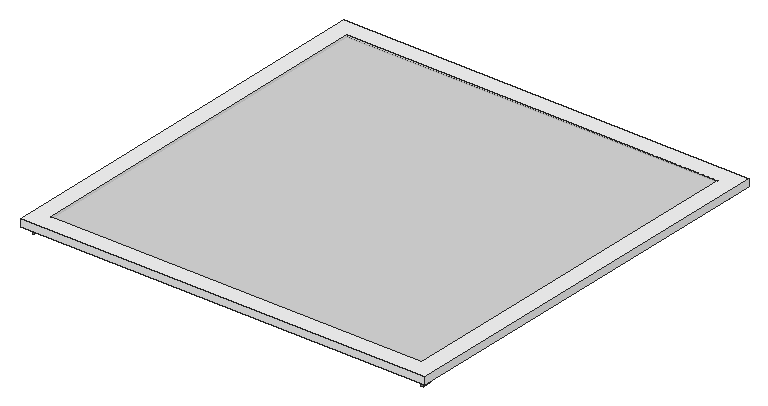
Revit family "0047400 Feilo Sylvania Lighting Fixture START FLAT PANEL LED 3000LM 600 WW", category Lighting Fixtures, host Face, Revit 2017
Family settings
  Host = Face
  Round Connector Dimension = Use Diameter
  Part Type = Normal
  OmniClass Number = 23.80.70.11.17
  OmniClass Title = Specialized Lighting by Location or Use
  Cut with Voids When Loaded = No
  Light Source = Yes
  Shared = No
  Room Calculation Point = No
Parameters (values of type "0047400 START FLAT PANEL 3000LM LED 600 3000K")
  Weight = "14.755 kg"
  Wattage = 40 W
  WarrantyStartDate [instance] = "n/a"
  WarrantyGuarantorParts = "n/a"
  WarrantyDurationUnit = "n/a"
  WarrantyDurationParts = "n/a"
  WarrantyDescription = "n/a"
  built-in parameter 1150110 = 1 (stored number, unit not read)
  Voltage = 230 V
  URL = "http://www.sylvania-lighting.com"
  TypeName = "START FLAT PANEL 3000LM LED 600 3000K"
  built-in parameter 1114217 = 1 (stored number, unit not read)
  Tilt Angle = -90.00°
  built-in parameter 1150109 = 1 (stored number, unit not read)
  built-in parameter 1150134 = (empty or 0)
  built-in parameter 1150113 = 1 (stored number, unit not read)
  SerialNumber [instance] = "n/a"
  PowerFactor = 0.9
  PowerConsumption = "40 W"
  Photometric Web File = ""
  NominalLength = 595.0 mm
  NominalHeight = 10.5 mm
  NominalDepth = 595.0 mm
  Name = "START FLAT PANEL 3000LM LED 600 3000K"
  ModelReference = "START FLAT PANEL 3000LM LED 600 3000K"
  ModelNumber = "0047400"
  Material = "powder coated steel housing, acrylic pmma diffuser"
  ManufacturerName = "Feilo Sylvania"
  LuminousEfficacy = "75 lm/W"
  LuminaireType = ""
  LightOutputRatio = "100"
  LampsType = Lamp  # "Integrated LED"
  LampNominalLuminous = "3000 lm"
  LampMacAdamStep = "n/a"
  LampColourTemperature = "3000 K"
  LampColourRenderingIndex = "80"
  Keynote = "16500"
  InstallationDate [instance] = "n/a"
  InputVoltage = "220-240V~"
  InputNominalFrequency = "50/60 Hz"
  IngressProtection = "IP20"
  ImpactProtectionIndex = "IK03"
  IfcExportType = "IfcLightFixtureType"
  IfcExportAs = "IfcLightFixtureType"
  Glare Control = "UGR <25"  # constant formula
  ExpectedLife = 50000
  ElectricShockClassification = "Class II"
  DurationUnit = "hours"
  DocumentationLiterature = "http://www.sylvania-lighting.com/product/en-int/products/0047400"
  DimmingControlOptions = "n/a"
  Diffuser Material = Polycarbonate_Sylvania_Startflat Panel LED_Opal
  Cutout Width = 574.0 mm
  Cutout Length = 574.0 mm
  CreatedOn = "20/11/2017"
  CreatedBy = ""
  built-in parameter 1114216 [instance] = 1 (stored number, unit not read)
  built-in parameter 1150142 = (empty or 0)
  Model = "START FLAT PANEL 3000LM LED 600 3000K"
  Manufacturer = "Feilo-Sylvania Group"
  built-in parameter 1150105 = 238.73 (stored number, unit not read)
  Lumens = 3000 lm
  built-in parameter 1150115 = 1 (stored number, unit not read)
  built-in parameter 1150137 = (empty or 0)
  built-in parameter 1150139 = (empty or 0)
  built-in parameter 1150112 = 1 (stored number, unit not read)
  built-in parameter 1150114 = 1 (stored number, unit not read)
  Lamp = "Integrated LED"  # constant formula
  built-in parameter 1150132 = 2
  built-in parameter 1150102 = (empty or 0)
  built-in parameter 1150107 = 3000 (stored number, unit not read)
  built-in parameter 1150138 = (empty or 0)
  built-in parameter 1150106 = 2.3873 (stored number, unit not read)
  CRI (Ra) = "84"  # constant formula
  Body Material = Metal_Sylvania_Startflat Panel LED_White
  Emit from Rectangle Width = 545.0 mm
  Emit from Rectangle Length = 545.0 mm
  Emit Shape Visible in Rendering = no
  built-in parameter 1150104 = 6.9677 (stored number, unit not read)
  Dimming Lamp Color Temperature Shift = <None>
  Description = "Ultra thin LED Panel, excellent uniformity of light, perfect for ceilings with low voids, high efficacy.Ulta thin edgelit LED 600x600mm Panel with, excellent uniform light distribution. Acrylic PMMA diffuser optimising light output whilst reducing glare. 4239lm 93lm/W."  # constant formula
  Default Elevation = 0.0 mm
  Color Filter = 16777215
  built-in parameter 1140040 [instance] = 1
  BarCode [instance] = "n/a"
  built-in parameter 1114218 = 1 (stored number, unit not read)
  built-in parameter 1150133 = 10 (stored number, unit not read)
  AssetType = "Fixed"
  AssetIdentifier [instance] = "n/a"
  Assembly Code = "D5020200"
  Apparent Load = 40 VA
  Mounting Material = Metal_Sylvania_Startflat Panel LED_Silver
Reference planes
  plane 1 "Center (Front/Back)": y = 0
  plane 2 "Fixture Top": z = 0
  plane 3 "Center (Left/Right)": x = 0
  plane 4: x = 295.5
  plane 5: x = -295.5
  plane 6 "Fixture Back": y = 297.5
  plane 7 "Fixture Front": y = -297.5
  plane 8 "Fixture Left": x = -297.5
  plane 9 "Fixture Right": x = 297.5
  plane 10: y = 295.5
  plane 11: y = -295.5
  plane 12: x = 272.5
  plane 13: x = -272.5
  plane 14: y = 272.5
  plane 15: y = -272.5
  plane 16: x = -287
  plane 17: x = 287
  plane 18: y = 287
  plane 19: y = -287
  plane 20 "Fixture Bottom": z = 10.5
  plane 21: z = 8.5
  plane 22: z = 6.5
  plane 23: z = -10
  plane 24: z = 2
Forms (mm)
  Extrusion 1, void
    sketch origin (0, 0, 60) x (-1, 0, 0) y (0, -1, 0)
      loop
        line (287, -287) -> (287, 287) -> (-287, 287) -> (-287, -287) -> (287, -287)
    from -70 to -60
  Extrusion 2, solid, material "Metal_Sylvania_Startflat Panel LED_White" <- "Body Material", detail levels fine
    sketch origin (0, 0, 60) x (-1, 0, 0) y (0, -1, 0)
      loop
        line (297.5, -297.5) -> (297.5, 297.5) -> (-297.5, 297.5) -> (-297.5, -297.5) -> (297.5, -297.5)
      loop
        line (272.5, -272.5) -> (272.5, 272.5) -> (-272.5, 272.5) -> (-272.5, -272.5) -> (272.5, -272.5)
    from -51.5 to -49.5
  Extrusion 3, solid, material "Metal_Sylvania_Startflat Panel LED_White" <- "Body Material", detail levels fine
    sketch origin (0, 0, 60) x (-1, 0, 0) y (0, -1, 0)
      loop
        line (297.5, -297.5) -> (297.5, 297.5) -> (-297.5, 297.5) -> (-297.5, -297.5) -> (297.5, -297.5)
      loop
        line (295.5, -295.5) -> (295.5, 295.5) -> (-295.5, 295.5) -> (-295.5, -295.5) -> (295.5, -295.5)
    from -60 to -51.5
  Extrusion 4, solid, material "Polycarbonate_Sylvania_Startflat Panel LED_Opal" <- "Diffuser Material", detail levels fine
    sketch origin (0, 0, 60) x (-1, 0, 0) y (0, -1, 0)
      loop
        line (295.5, -295.5) -> (295.5, 295.5) -> (-295.5, 295.5) -> (-295.5, -295.5) -> (295.5, -295.5)
    from -53.5 to -51.5
  Extrusion 5, solid, material "Metal_Sylvania_Startflat Panel LED_Silver" <- "Mounting Material", detail levels fine
    sketch origin (0, 0, 60) x (-1, 0, 0) y (0, -1, 0)
      loop
        line (287, -287) -> (287, -272.5) -> (284, -272.5) -> (284, -287) -> (287, -287)
      loop
        line (-284, -287) -> (-284, -272.5) -> (-287, -272.5) -> (-287, -287) -> (-284, -287)
      loop
        line (-284, 272.5) -> (-284, 287) -> (-287, 287) -> (-287, 272.5) -> (-284, 272.5)
      loop
        line (284, 272.5) -> (287, 272.5) -> (287, 287) -> (284, 287) -> (284, 272.5)
    from -70 to -60
  Extrusion 6, solid, material "Metal_Sylvania_Startflat Panel LED_White" <- "Body Material", detail levels fine
    sketch origin (0, 0, 60) x (-1, 0, 0) y (0, -1, 0)
      loop
        line (297.5, -297.5) -> (297.5, 297.5) -> (-297.5, 297.5) -> (-297.5, -297.5) -> (297.5, -297.5)
    from -60 to -58
  Extrusion 7, solid, material "Metal_Sylvania_Startflat Panel LED_White" <- "Body Material", detail levels coarse+medium
    sketch origin (0, 0, 60) x (-1, 0, 0) y (0, -1, 0)
      loop
        line (297.5, -297.5) -> (297.5, 297.5) -> (-297.5, 297.5) -> (-297.5, -297.5) -> (297.5, -297.5)
    from -60 to -49.5
Cuts and joins
  joined: Extrusion 2, Extrusion 3, Extrusion 6
Dimensions and locks
  equal spacing: plane 6 "Fixture Back", plane 1 "Center (Front/Back)", plane 7 "Fixture Front"
  locked: plane 6 "Fixture Back" to plane 7 "Fixture Front" at 595
  equal spacing: plane 8 "Fixture Left", plane 3 "Center (Left/Right)", plane 9 "Fixture Right"
  locked: plane 8 "Fixture Left" to plane 9 "Fixture Right" at 595
  locked: plane 8 "Fixture Left" to plane 5 at 2
  locked: plane 4 to plane 9 "Fixture Right" at 2
  locked: plane 6 "Fixture Back" to plane 10 at 2
  locked: plane 11 to plane 7 "Fixture Front" at 2
  locked: plane 12 to plane 9 "Fixture Right" at 25
  locked: plane 8 "Fixture Left" to plane 13 at 25
  locked: plane 6 "Fixture Back" to plane 14 at 25
  locked: plane 15 to plane 7 "Fixture Front" at 25
  equal spacing: plane 16, plane 3 "Center (Left/Right)", plane 17
  "Cutout Length": plane 16 to plane 17
  equal spacing: plane 18, plane 1 "Center (Front/Back)", plane 19
  "Cutout Width": plane 18 to plane 19
  locked: plane 20 "Fixture Bottom" to plane 2 "Fixture Top" at 10.5
  plane 20 "Fixture Bottom" to plane 21 to plane 22 = 2.0 mm locked, 2.0 mm locked
  locked: plane 2 "Fixture Top" to plane 23 at 10
  locked: plane 16 to Extrusion 5 sketch curve at 3
  locked: Extrusion 5 sketch curve to plane 17 at 3
  locked: plane 24 to plane 2 "Fixture Top" at 2
  aligned and locked: level to host face
  aligned and locked: imposter light to plane 1 "Center (Front/Back)"
  aligned and locked: plane 2 "Fixture Top" to Extrusion 1
  aligned and locked: Extrusion 2 sketch curve to plane 6 "Fixture Back"
  aligned and locked: plane 8 "Fixture Left" to Extrusion 2 sketch curve
  aligned and locked: plane 7 "Fixture Front" to Extrusion 2 sketch curve
  aligned and locked: Extrusion 2 sketch curve to plane 9 "Fixture Right"
  aligned and locked: Extrusion 2 sketch curve to plane 14
  aligned and locked: plane 13 to Extrusion 2 sketch curve
  aligned and locked: plane 15 to Extrusion 2 sketch curve
  aligned and locked: Extrusion 2 sketch curve to plane 12
  aligned and locked: Extrusion 3 sketch curve to Extrusion 2  (x4)
  aligned and locked: Extrusion 3 sketch curve to plane 10
  aligned and locked: plane 5 to Extrusion 3 sketch curve
  aligned and locked: plane 11 to Extrusion 3 sketch curve
  aligned and locked: Extrusion 3 sketch curve to plane 4
  aligned and locked: Extrusion 4 sketch curve to cut or joined group of Extrusion 2, Extrusion 3, Extrusion 6  (x4)
  aligned and locked: plane 16 to Extrusion 1 sketch curve
  aligned and locked: Extrusion 1 sketch curve to plane 17
  aligned and locked: Extrusion 1 sketch curve to plane 18
  aligned and locked: plane 19 to Extrusion 1 sketch curve
  aligned and locked: plane 20 "Fixture Bottom" to cut or joined group of Extrusion 2, Extrusion 3, Extrusion 6
  aligned and locked: cut or joined group of Extrusion 2, Extrusion 3, Extrusion 6 to plane 21
  aligned and locked: plane 21 to cut or joined group of Extrusion 2, Extrusion 3, Extrusion 6
  aligned and locked: cut or joined group of Extrusion 2, Extrusion 3, Extrusion 6 to plane 2 "Fixture Top"
  aligned and locked: plane 21 to Extrusion 4
  aligned and locked: Extrusion 4 to plane 22
  aligned and locked: level to plane 2 "Fixture Top"
  aligned and locked: plane 3 "Center (Left/Right)" to imposter light
  aligned and locked: plane 20 "Fixture Bottom" to imposter light
  aligned and locked: Extrusion 5 sketch curve to plane 18  (x2)
  aligned and locked: plane 16 to Extrusion 5 sketch curve
  aligned and locked: cut or joined group of Extrusion 2, Extrusion 3, Extrusion 6 to Extrusion 5 sketch curve  (x3)
  aligned and locked: plane 14 to Extrusion 5 sketch curve
  aligned and locked: Extrusion 5 sketch curve to plane 17  (x2)
  aligned and locked: plane 19 to Extrusion 5 sketch curve
  aligned and locked: Extrusion 5 sketch curve to plane 19
  aligned and locked: Extrusion 5 sketch curve to plane 16
  aligned and locked: Extrusion 5 to plane 23
  aligned and locked: Extrusion 5 sketch curve to Extrusion 5 sketch curve  (x2)
  aligned and locked: Extrusion 6 sketch curve to cut or joined group of Extrusion 2, Extrusion 3, Extrusion 6  (x4)
  aligned and locked: Extrusion 6 to plane 2 "Fixture Top"
  aligned and locked: plane 24 to Extrusion 6
  aligned and locked: plane 2 "Fixture Top" to Extrusion 5
  aligned and locked: Extrusion 7 sketch curve to cut or joined group of Extrusion 2, Extrusion 3, Extrusion 6  (x4)
  aligned and locked: Extrusion 7 to plane 2 "Fixture Top"
  aligned and locked: plane 20 "Fixture Bottom" to Extrusion 7
  aligned and locked: Extrusion 1 to Extrusion 5
Automatic sketch dimensions
  host sketch curve to host sketch curve = 1461.012 mm
  host sketch curve to host sketch curve = 1283.632 mm
Connectors
  electrical at (0, 0, 0), driven by "Apparent Load"
    settings: on cut or joined group of Extrusion 2, Extrusion 3, Extrusion 6, index 1, voltage 230 V, apparent load 0 VA, apparent load phase1 40 VA, apparent load phase2 0 VA, apparent load phase3 0 VA, power factor 1, load classification "Lighting", number of poles 1, system type 31, power factor state 1, is connector primary yes, connector utility no, sub classification motor no, connector description ""
